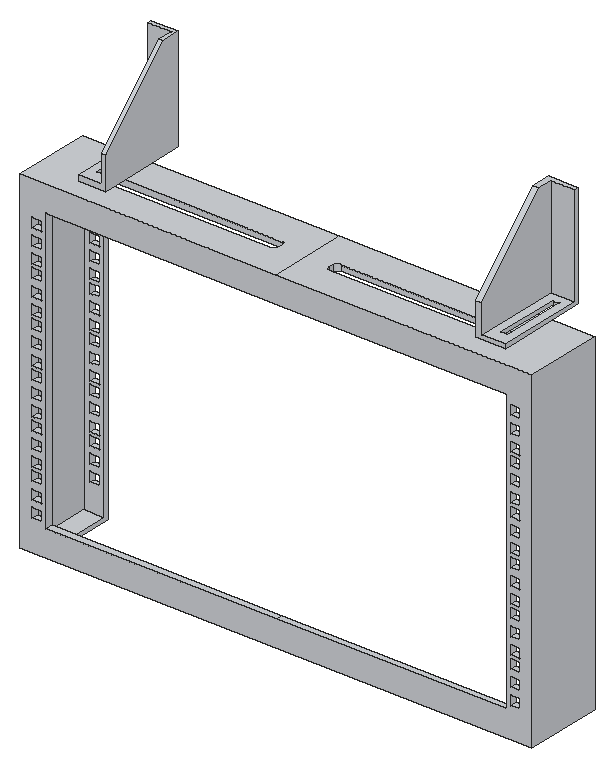
Revit family
Parameters
  Material ID = "760169581"
  Description = "KIT, OVERHEAD PATCH PANEL RACK, 6U"
Reference planes (in)
  plane 1 "Center (Front/Back)": y = 0
  plane 2: z = 0
  plane 3 "Center (Left/Right)": x = 0
Forms (in)
  Extrusion 1, solid
    sketch origin (0, 0, 0) x (1, 0, 0) y (0, 0, 1)
      loop
        line (0, 0) -> (9.86, 0) -> (9.86, 12.88) -> (0, 12.88) -> (-9.86, 12.88) -> (-9.86, 0) -> (0, 0)
    from 0 to 3
  Extrusion 2, void
    sketch origin (0, 0, 0) x (1, 0, 0) y (0, 0, 1)
      loop
        line (0, 1) -> (8.86, 1) -> (8.86, 11.88) -> (0, 11.88) -> (-8.86, 11.88) -> (-8.86, 1) -> (0, 1)
    from -0.9625 to 4.16549
  Extrusion 3, void
    sketch origin (0, 0, 0) x (1, 0, 0) y (0, 0, 1)
      loop
        line (-9.65585, 12.65788) -> (-9.65585, 0.15788) -> (9.70645, 0.15788) -> (9.70645, 12.65788) -> (-9.65585, 12.65788)
    from 0.20146 to 2.73683
  Extrusion 4, void
    sketch origin (0, 0, 0) x (1, 0, 0) y (0, 0, 1)
      loop
        line (-9.3967, 1.18363) -> (-9.0167, 1.18363) -> (-9.0167, 1.56363) -> (-9.3967, 1.56363) -> (-9.3967, 1.18363)
      loop
        line (-9.3967, 1.81363) -> (-9.0167, 1.81363) -> (-9.0167, 2.19363) -> (-9.3967, 2.19363) -> (-9.3967, 1.81363)
      loop
        line (-9.3967, 2.44363) -> (-9.0167, 2.44363) -> (-9.0167, 2.82363) -> (-9.3967, 2.82363) -> (-9.3967, 2.44363)
      loop
        line (9.3967, 1.18363) -> (9.3967, 1.56363) -> (9.0167, 1.56363) -> (9.0167, 1.18363) -> (9.3967, 1.18363)
      loop
        line (9.3967, 1.81363) -> (9.3967, 2.19363) -> (9.0167, 2.19363) -> (9.0167, 1.81363) -> (9.3967, 1.81363)
      loop
        line (9.3967, 2.44363) -> (9.3967, 2.82363) -> (9.0167, 2.82363) -> (9.0167, 2.44363) -> (9.3967, 2.44363)
    from -2.26418 to 4.16549
  Extrusion 5, void
    sketch origin (0, 0, 1.75) x (1, 0, 0) y (0, 0, 1)
      loop
        line (-9.3967, 1.18363) -> (-9.0167, 1.18363) -> (-9.0167, 1.56363) -> (-9.3967, 1.56363) -> (-9.3967, 1.18363)
      loop
        line (-9.3967, 1.81363) -> (-9.0167, 1.81363) -> (-9.0167, 2.19363) -> (-9.3967, 2.19363) -> (-9.3967, 1.81363)
      loop
        line (-9.3967, 2.44363) -> (-9.0167, 2.44363) -> (-9.0167, 2.82363) -> (-9.3967, 2.82363) -> (-9.3967, 2.44363)
      loop
        line (9.3967, 1.18363) -> (9.3967, 1.56363) -> (9.0167, 1.56363) -> (9.0167, 1.18363) -> (9.3967, 1.18363)
      loop
        line (9.3967, 1.81363) -> (9.3967, 2.19363) -> (9.0167, 2.19363) -> (9.0167, 1.81363) -> (9.3967, 1.81363)
      loop
        line (9.3967, 2.44363) -> (9.3967, 2.82363) -> (9.0167, 2.82363) -> (9.0167, 2.44363) -> (9.3967, 2.44363)
    from -2.26418 to 4.16549
  Extrusion 6, void
    sketch origin (0, 0, 3.5) x (1, 0, 0) y (0, 0, 1)
      loop
        line (-9.3967, 1.18363) -> (-9.0167, 1.18363) -> (-9.0167, 1.56363) -> (-9.3967, 1.56363) -> (-9.3967, 1.18363)
      loop
        line (-9.3967, 1.81363) -> (-9.0167, 1.81363) -> (-9.0167, 2.19363) -> (-9.3967, 2.19363) -> (-9.3967, 1.81363)
      loop
        line (-9.3967, 2.44363) -> (-9.0167, 2.44363) -> (-9.0167, 2.82363) -> (-9.3967, 2.82363) -> (-9.3967, 2.44363)
      loop
        line (9.3967, 1.18363) -> (9.3967, 1.56363) -> (9.0167, 1.56363) -> (9.0167, 1.18363) -> (9.3967, 1.18363)
      loop
        line (9.3967, 1.81363) -> (9.3967, 2.19363) -> (9.0167, 2.19363) -> (9.0167, 1.81363) -> (9.3967, 1.81363)
      loop
        line (9.3967, 2.44363) -> (9.3967, 2.82363) -> (9.0167, 2.82363) -> (9.0167, 2.44363) -> (9.3967, 2.44363)
    from -2.26418 to 4.16549
  Extrusion 7, void
    sketch origin (0, 0, 5.25) x (1, 0, 0) y (0, 0, 1)
      loop
        line (-9.3967, 1.18363) -> (-9.0167, 1.18363) -> (-9.0167, 1.56363) -> (-9.3967, 1.56363) -> (-9.3967, 1.18363)
      loop
        line (-9.3967, 1.81363) -> (-9.0167, 1.81363) -> (-9.0167, 2.19363) -> (-9.3967, 2.19363) -> (-9.3967, 1.81363)
      loop
        line (-9.3967, 2.44363) -> (-9.0167, 2.44363) -> (-9.0167, 2.82363) -> (-9.3967, 2.82363) -> (-9.3967, 2.44363)
      loop
        line (9.3967, 1.18363) -> (9.3967, 1.56363) -> (9.0167, 1.56363) -> (9.0167, 1.18363) -> (9.3967, 1.18363)
      loop
        line (9.3967, 1.81363) -> (9.3967, 2.19363) -> (9.0167, 2.19363) -> (9.0167, 1.81363) -> (9.3967, 1.81363)
      loop
        line (9.3967, 2.44363) -> (9.3967, 2.82363) -> (9.0167, 2.82363) -> (9.0167, 2.44363) -> (9.3967, 2.44363)
    from -2.26418 to 4.16549
  Extrusion 8, void
    sketch origin (0, 0, 7) x (1, 0, 0) y (0, 0, 1)
      loop
        line (-9.3967, 1.18363) -> (-9.0167, 1.18363) -> (-9.0167, 1.56363) -> (-9.3967, 1.56363) -> (-9.3967, 1.18363)
      loop
        line (-9.3967, 1.81363) -> (-9.0167, 1.81363) -> (-9.0167, 2.19363) -> (-9.3967, 2.19363) -> (-9.3967, 1.81363)
      loop
        line (-9.3967, 2.44363) -> (-9.0167, 2.44363) -> (-9.0167, 2.82363) -> (-9.3967, 2.82363) -> (-9.3967, 2.44363)
      loop
        line (9.3967, 1.18363) -> (9.3967, 1.56363) -> (9.0167, 1.56363) -> (9.0167, 1.18363) -> (9.3967, 1.18363)
      loop
        line (9.3967, 1.81363) -> (9.3967, 2.19363) -> (9.0167, 2.19363) -> (9.0167, 1.81363) -> (9.3967, 1.81363)
      loop
        line (9.3967, 2.44363) -> (9.3967, 2.82363) -> (9.0167, 2.82363) -> (9.0167, 2.44363) -> (9.3967, 2.44363)
    from -2.26418 to 4.16549
  Extrusion 9, void
    sketch origin (0, 0, 8.75) x (1, 0, 0) y (0, 0, 1)
      loop
        line (-9.3967, 1.18363) -> (-9.0167, 1.18363) -> (-9.0167, 1.56363) -> (-9.3967, 1.56363) -> (-9.3967, 1.18363)
      loop
        line (-9.3967, 1.81363) -> (-9.0167, 1.81363) -> (-9.0167, 2.19363) -> (-9.3967, 2.19363) -> (-9.3967, 1.81363)
      loop
        line (-9.3967, 2.44363) -> (-9.0167, 2.44363) -> (-9.0167, 2.82363) -> (-9.3967, 2.82363) -> (-9.3967, 2.44363)
      loop
        line (9.3967, 1.18363) -> (9.3967, 1.56363) -> (9.0167, 1.56363) -> (9.0167, 1.18363) -> (9.3967, 1.18363)
      loop
        line (9.3967, 1.81363) -> (9.3967, 2.19363) -> (9.0167, 2.19363) -> (9.0167, 1.81363) -> (9.3967, 1.81363)
      loop
        line (9.3967, 2.44363) -> (9.3967, 2.82363) -> (9.0167, 2.82363) -> (9.0167, 2.44363) -> (9.3967, 2.44363)
    from -2.26418 to 4.16549
  Extrusion 10, void
    sketch origin (0, 0, 0) x (1, 0, 0) y (0, 1, 0)
      loop
        line (-8.86, 1) -> (-8.86, -2.5) -> (8.86, -2.5) -> (8.86, 1) -> (-8.86, 1)
    from 0 to 5.49301
  Extrusion 11, void
    sketch origin (9.86, 0, 12.88) x (0, -1, 0) y (-1, 0, 0)
      loop
        arc (1.81848, 17.8975) -> (1.76529, 18.02591) -> (1.63689, 18.0791) r 0.18159
        line (1.63689, 18.0791) -> (1.50791, 18.0791)
        arc (1.50791, 18.0791) -> (1.37396, 18.02361) -> (1.31848, 17.88966) r 0.18943
        line (1.31848, 17.88966) -> (1.31848, 10.99848)
        arc (1.31848, 10.99848) -> (1.36809, 10.87871) -> (1.48786, 10.8291) r 0.16938
        line (1.48786, 10.8291) -> (1.65329, 10.8291)
        arc (1.65329, 10.8291) -> (1.7701, 10.87748) -> (1.81848, 10.99429) r 0.16519
        line (1.81848, 10.99429) -> (1.81848, 17.8975)
    from 0 to 4.31637
  Extrusion 12, void
    sketch origin (-9.86, 0, 12.88) x (0, 1, 0) y (1, 0, 0)
      loop
        line (-1.81848, 17.8975) -> (-1.81848, 10.99429)
        arc (-1.81848, 10.99429) -> (-1.7701, 10.87748) -> (-1.65329, 10.8291) r 0.16519
        line (-1.65329, 10.8291) -> (-1.48786, 10.8291)
        arc (-1.48786, 10.8291) -> (-1.36809, 10.87871) -> (-1.31848, 10.99848) r 0.16938
        line (-1.31848, 10.99848) -> (-1.31848, 17.88966)
        arc (-1.31848, 17.88966) -> (-1.37396, 18.02361) -> (-1.50791, 18.0791) r 0.18943
        line (-1.50791, 18.0791) -> (-1.63689, 18.0791)
        arc (-1.63689, 18.0791) -> (-1.76529, 18.02591) -> (-1.81848, 17.8975) r 0.18159
    from 0 to 4.31637
  Extrusion 13, solid
    sketch origin (0, 0, 0) x (0, 1, 0) y (0, 0, 1)
      loop
        line (-2.23683, 12.88) -> (1.26317, 12.88) -> (1.26317, 16.88) -> (0.51317, 16.88) -> (-2.23683, 14.13) -> (-2.23683, 12.88)
    from -8.2191 to 8.2191
  Extrusion 14, void
    sketch origin (0, 0, 0) x (1, 0, 0) y (0, 0, 1)
      loop
        line (-7.18377, 12.88) -> (7.06623, 12.88) -> (7.06623, 17.88) -> (-7.18377, 17.88) -> (-7.18377, 12.88)
    from -4.76144 to 6.18788
  Extrusion 15, void
    sketch origin (9.86, 0, 12.88) x (0, -1, 0) y (-1, 0, 0)
      loop
        line (2.23683, 18.0791) -> (-1.10015, 18.0791) -> (-1.10015, 17.16957) -> (2.23683, 17.16957) -> (2.23683, 18.0791)
    from -0.2041 to -5.69754
  Extrusion 16, void
    sketch origin (-9.86, 0, 12.88) x (0, 1, 0) y (1, 0, 0)
      loop
        line (-2.23683, 18.0791) -> (-2.23683, 17.16957) -> (1.10015, 17.16957) -> (1.10015, 18.0791) -> (-2.23683, 18.0791)
    from -0.13877 to -5.69754
  Extrusion 17, void
    sketch origin (9.86, 0, 12.88) x (0, -1, 0) y (-1, 0, 0)
      loop
        line (1.74171, 17.76349) -> (-0.75829, 17.76349) -> (-0.75829, 17.51349) -> (1.74171, 17.51349) -> (1.74171, 17.76349)
    from 0 to -2.34506
  Extrusion 18, void
    sketch origin (-9.86, 0, 12.88) x (0, 1, 0) y (1, 0, 0)
      loop
        line (-1.74171, 17.76349) -> (-1.74171, 17.51349) -> (0.75829, 17.51349) -> (0.75829, 17.76349) -> (-1.74171, 17.76349)
    from 0 to -2.34506
Cuts and joins
  Extrusion 2, Extrusion 3, Extrusion 4, Extrusion 5, Extrusion 6, Extrusion 7, Extrusion 8, Extrusion 9, Extrusion 10, Extrusion 11, Extrusion 12, Extrusion 14, Extrusion 15, Extrusion 16, Extrusion 17, Extrusion 18 cuts Extrusion 1
  Extrusion 14, Extrusion 15, Extrusion 16, Extrusion 17, Extrusion 18 cuts Extrusion 13
Dimensions and locks (in)
  equal spacing: group 1, group 2, group 3, group 4, group 5, group 6  (x3)
